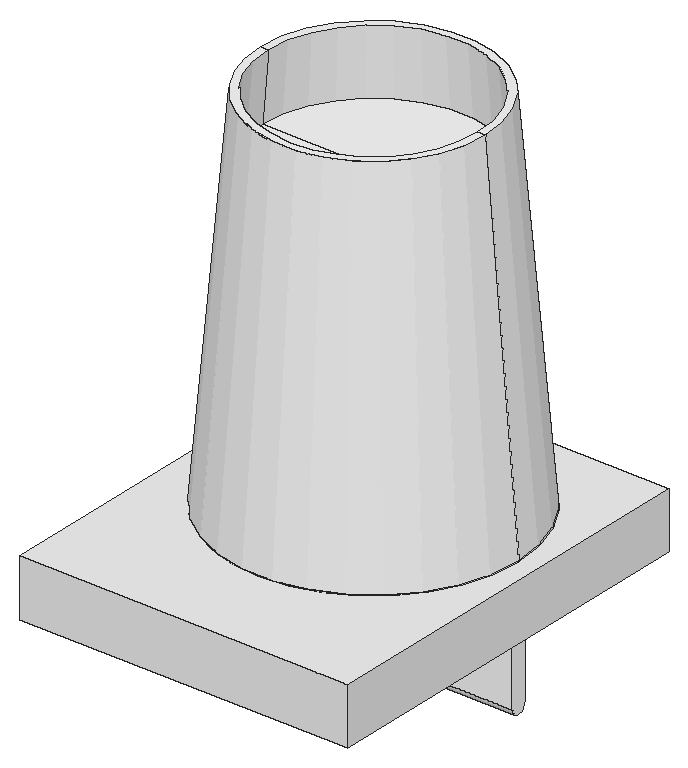
Revit family "DR6015551_Dispensador Jabon", category Furniture, host Wall, Revit 2019
Family settings
  Host = Wall
  OmniClass Number = 23.31.25.29.11
  OmniClass Title = Hand Soap Holders
  Always vertical = Yes
  Cut with Voids When Loaded = No
  Shared = No
  Room Calculation Point = No
Parameters (values of type "Type 1")
  URL = "https://corona.co/productos/accesorios/kit-de-accesorios/kit-por-6-accesorios-draa/p/DR6065551"
  Resistencia a cargas o peso máximo = "9 kg. (19,84 lb.)"  # constant formula
  Referencia = "DR6015551"  # constant formula
  Profundidad = 105 mm  # constant formula
  Peso Neto aprox = " 420 gr."  # constant formula
  Peso Bruto aprox = "4,8 kg. - 10,58 lb."  # constant formula
  Material = Corona_Cromado
  Manufacturer = "Corona"  # constant formula
  Garantía Acabados = "5 Años"  # constant formula
  Garantía = "30 Años"  # constant formula
  Fecha de creación = "11/08/2020"  # constant formula
  Description = "Adquiere estos accesorios que reflejan las últimas tendencias de diseño y se conviernten en el mejor complemento para tu baño. ¡Todo lo que necitabas está aquí!"  # constant formula
  Creado por = "IDD"  # constant formula
  Ancho = 86 mm  # constant formula
  Altura = 900 mm
  Alto = 133 mm  # constant formula
Reference planes
  plane 1 "Wall": y = 0
  plane 2 "Center (Left/Right)": x = 125
  plane 3 "Back": y = 75
  plane 4: z = 900
  plane 5: x = 168
  plane 6: x = 82
  plane 7: z = 966.5
  plane 8: z = 833.5
  plane 9: y = 180
Text (mm)
  text "Placement Side" at (-1848.837, 1116.779, 0), in view "Ref. Level"
  text "Placement side" at (0, 1409.804, 2854.306), in view "Left"
  text "Placement side" at (0, 499.811, 2980.732), in view "Right"
Dimensions and locks
  locked: plane 3 "Back" to host wall
  equal spacing: plane 8, plane 4, plane 7
  "Alto": plane 8 to plane 7
  equal spacing: plane 6, plane 2 "Center (Left/Right)", plane 5
  "Ancho": plane 6 to plane 5
  "Profundidad": plane 9 to host wall
  plane 4 to plane 8 = 66.5 mm
  "Altura": plane 4 to level
  aligned and locked: plane 1 "Wall" to host wall
  aligned and locked: nested 1 to plane 7
  aligned and locked: plane 7 to nested 2
  aligned and locked: plane 6 to nested 2
  aligned and locked: nested 3 to plane 5
  aligned and locked: nested 3 to host wall
  aligned and locked: nested 4 to plane 7
  aligned and locked: nested 4 to plane 5
  aligned and locked: host wall to nested 2
Nested families
  nested 1: "Lateral" at (125, 75, 833.5) x (0, -1, 0) z (1, 0, 0), type "Lateral"
  nested 2: "Dispensador Jabon" at (168, 127.5, 833.5) x (-1, 0, 0) z (0, 0, 1), type "Dispensador Jabon"
  nested 3: "Planta" at (168, 75, 0) x (-1, 0, 0) z (0, 0, 1), type "Planta"
  nested 4: "Frontal" at (168, 0, 833.5) x (-1, 0, 0) z (0, -1, 0), type "Frontal"
Definition of nested family "Dispensador Jabon"
  Parameters (values of type "Cepillero Vaso")
    Profundidad = 105 mm
    Material = none
    Ancho = 86 mm
    Alto = 133 mm
  Reference planes
    plane 1 "Center (Front/Back)": y = 0
    plane 2: z = 0
    plane 3 "Center (Left/Right)": x = 0
    plane 4: x = 86
    plane 5: y = 52.5
    plane 6: y = -52.5
    plane 7: z = 115
    plane 8: z = 133
  Forms (mm)
    Extrusion 1, solid, material <- "Material", detail levels coarse
      sketch origin (0, 0, 0) x (1, 0, 0) y (0, 0, 1)
        loop
          line (86, 0) -> (86, 133) -> (0, 133) -> (0, 0) -> (86, 0)
      from -52.5 to 52.5
    Extrusion 2, solid, material <- "Material", detail levels medium+fine
      sketch origin (0, 0, 0) x (1, 0, 0) y (0, 1, 0)
        loop
          line (86, -52.5) -> (86, 52.5) -> (0, 52.5) -> (0, -52.5) -> (86, -52.5)
        loop
          circle (43, -9.5) r 38
      from 21 to 35.913
    Revolve 3, solid, detail levels medium+fine
      sketch origin (0, -9.5, 18) x (0, 0, -1) y (-1, 0, 0)
        loop
          line (-18, -5) -> (-115, -13.486) -> (-115, -15.494) -> (-97, -13.919) -> (-97, -43) -> (-3, -43) -> (-3, -5) -> (-18, -5)
        axis (-115, -43) -> (-3, -43)
      angle from 0 to 360
    Extrusion 4, solid, detail levels medium+fine
      sketch origin (0, 0, 0) x (0, 1, 0) y (0, 0, 1)
        loop
          line (0.5, 21) -> (-46.5, 21) -> (-46.5, 18.5)
          arc (-46.5, 18.5) -> (-46.061, 17.439) -> (-45, 17) r 1.5
          line (-45, 17) -> (-11.5, 17) -> (-11.5, 2)
          arc (-11.5, 2) -> (-9.5, 0) -> (-7.5, 2) r 2
          line (-7.5, 2) -> (-7.5, 17) -> (-1.037, 17)
          arc (-1.037, 17) -> (0.05, 17.45) -> (0.5, 18.537) r 1.537
          line (0.5, 18.537) -> (0.5, 21)
      from 5 to 81
    Revolve 5, solid, detail levels medium+fine
      sketch origin (0, -28.25, 17) x (0, 0, 1) y (1, 0, 0)
        loop
          line (0, 43) -> (-4, 43) -> (-4, 36) -> (-3, 36) -> (-3, 28) -> (0, 28) -> (0, 43)
        axis (-4, 43) -> (0, 43)
      angle from 0 to 360
  Dimensions and locks
    equal spacing: plane 5, plane 1 "Center (Front/Back)", plane 6
    "Profundidad": plane 5 to plane 6
    "Ancho": plane 3 "Center (Left/Right)" to plane 4
    "Alto": plane 8 to level
    aligned and locked: level to plane 2
    aligned and locked: level to Extrusion 1 sketch curve
    aligned and locked: plane 4 to Extrusion 1 sketch curve
    aligned and locked: plane 3 "Center (Left/Right)" to Extrusion 1 sketch curve
    aligned and locked: Extrusion 2 sketch curve to plane 5
    aligned and locked: plane 3 "Center (Left/Right)" to Extrusion 2 sketch curve
    aligned and locked: Extrusion 1 to Revolve 3
  Automatic sketch dimensions
    plane 6 to Extrusion 2 sketch curve = 43 mm
    plane 3 "Center (Left/Right)" to Extrusion 2 sketch curve = 43 mm
    Extrusion 2 sketch curve to plane 4 = 0 mm
    Extrusion 2 sketch curve to plane 6 = 0 mm
    plane 7 to Extrusion 1 sketch curve = 18 mm
    plane 6 to Extrusion 4 sketch curve = 6 mm
    Extrusion 4 sketch curve to Extrusion 4 sketch curve = 1.5 mm
    plane 1 "Center (Front/Back)" to Extrusion 4 sketch curve = 11.5 mm
    Extrusion 4 sketch curve to Extrusion 4 sketch curve = 2 mm
    plane 1 "Center (Front/Back)" to Extrusion 4 sketch curve = 1.037 mm
    Extrusion 4 sketch curve to plane 1 "Center (Front/Back)" = 0.5 mm
    level to Extrusion 4 sketch curve = 2 mm
    Extrusion 4 sketch curve to Extrusion 4 sketch curve = 15 mm
    Extrusion 4 sketch curve to Extrusion 4 sketch curve = 0 mm
    Extrusion 4 sketch curve to Extrusion 4 sketch curve = 2.5 mm
    level to Revolve 5 sketch curve = 13 mm
    Revolve 5 sketch curve to Revolve 5 sketch curve = 1 mm
    Revolve 5 sketch curve to Revolve 5 sketch curve = 3 mm
    plane 3 "Center (Left/Right)" to Revolve 5 sketch curve = 28 mm
    Revolve 5 sketch curve to Revolve 5 sketch curve = 8 mm
    Revolve 5 sketch curve to Revolve 5 sketch curve = 7 mm
    Revolve 5 sketch curve to Revolve 5 sketch curve = 0 mm  (x2)
    Revolve 5 sketch curve to Revolve 5 sketch curve = 11.9 mm
    Revolve 3 sketch curve to plane 8 = 0 mm
    Revolve 3 sketch curve to plane 7 = 0 mm
    plane 3 "Center (Left/Right)" to Revolve 3 sketch curve = 5 mm
    Revolve 3 sketch curve to Revolve 3 sketch curve = 15 mm
    plane 3 "Center (Left/Right)" to Revolve 3 sketch curve = 13.486 mm
    Revolve 3 sketch curve to Revolve 3 sketch curve = 2.008 mm
    Revolve 3 sketch curve to Revolve 3 sketch curve = 79 mm
    Revolve 3 sketch curve to Revolve 3 sketch curve = 3 mm
    Revolve 3 sketch curve to level = 7 mm
    plane 3 "Center (Left/Right)" to Revolve 3 sketch curve = 13.919 mm
    Revolve 3 sketch curve to Revolve 3 sketch curve = 29.081 mm
    Revolve 3 sketch curve to Revolve 3 sketch curve = 0 mm
    radius of Extrusion 2 sketch curve = 38 mm
Definition of nested family "Lateral"
  Reference planes
    plane 1 "Center (Front/Back)": y = 0
    plane 2: z = 0
    plane 3 "Center (Left/Right)": x = 0
    plane 4: y = 133
    plane 5: x = -105
  Lines and regions (mm)
    detail lines, in view "Ref. Level"
      curve 1: line (-105, 23, 0) -> (0, 23, 0)
      curve 2: line (-105, 38, 0) -> (-105, 23, 0)
      curve 3: line (0, 38, 0) -> (-105, 38, 0)
      curve 4: line (0, 23, 0) -> (0, 38, 0)
      curve 5: line (-100, 38, 0) -> (-93.357, 133, 0)
      curve 6: line (-96.777, 23, 0) -> (-96.777, 16, 0)
      curve 7: line (-34.375, 38, 0) -> (-41.018, 133, 0)
      curve 8: line (-37.598, 23, 0) -> (-37.598, 16, 0)
      curve 9: line (-93.357, 133, 0) -> (-41.018, 133, 0)
      curve 10: line (-37.598, 16, 0) -> (-96.777, 16, 0)
      curve 11: line (-47.598, 16, 0) -> (-47.598, 0, 0)
      curve 12: line (-47.598, 0, 0) -> (-52.598, 0, 0)
      curve 13: line (-52.598, 0, 0) -> (-52.598, 16, 0)
      curve 14: line (-55.598, 12.903, 0) -> (-93.777, 12.903, 0)
      curve 15: line (-55.598, 16, 0) -> (-55.598, 12.903, 0)
      curve 16: line (-93.777, 12.903, 0) -> (-93.777, 16, 0)
      curve 17: line (-84.386, 12.903, 0) -> (-84.386, 9.447, 0)
      curve 18: line (-84.386, 9.447, 0) -> (-64.989, 9.447, 0)
      curve 19: line (-64.989, 9.447, 0) -> (-64.989, 12.903, 0)
Definition of nested family "Planta"
  Reference planes
    plane 1 "Center (Front/Back)": y = 0
    plane 2: z = 0
    plane 3 "Center (Left/Right)": x = 0
    plane 4: x = 86
    plane 5: y = 105
  Lines and regions (mm)
    detail lines, in view "Ref. Level"
      curve 1: line (0, 105, 0) -> (86, 105, 0)
      curve 2: line (0, 0, 0) -> (0, 105, 0)
      curve 3: line (86, 0, 0) -> (0, 0, 0)
      curve 4: line (86, 105, 0) -> (86, 0, 0)
      curve 5: circle (43, 62, 0) r 38 normal (0, 0, 1)
      curve 6: circle (43, 62, 0) r 33 normal (0, 0, 1)
Definition of nested family "Frontal"
  Reference planes
    plane 1 "Center (Front/Back)": y = 0
    plane 2: z = 0
    plane 3 "Center (Left/Right)": x = 0
    plane 4: x = 86
    plane 5: y = 133
  Lines and regions (mm)
    detail lines, in view "Ref. Level"
      curve 1: line (0, 23, 0) -> (86, 23, 0)
      curve 2: line (0, 38, 0) -> (0, 23, 0)
      curve 3: line (86, 38, 0) -> (0, 38, 0)
      curve 4: line (86, 23, 0) -> (86, 38, 0)
      curve 5: line (5, 38, 0) -> (9.979, 133, 0)
      curve 6: line (81, 38, 0) -> (76.021, 133, 0)
      curve 7: line (9.979, 133, 0) -> (76.021, 133, 0)
      curve 8: line (5, 23, 0) -> (5, 16, 0)
      curve 9: line (5, 16, 0) -> (81, 16, 0)
      curve 10: line (81, 16, 0) -> (81, 23, 0)
      curve 11: line (13.845, 16, 0) -> (13.845, 0, 0)
      curve 12: line (72.155, 16, 0) -> (72.155, 0, 0)
      curve 13: line (13.845, 0, 0) -> (72.155, 0, 0)
      curve 14: line (15.5, 16, 0) -> (15.5, 12.093, 0)
      curve 15: line (15.5, 12.093, 0) -> (70.5, 12.093, 0)
      curve 16: line (70.5, 12.093, 0) -> (70.5, 16, 0)
      curve 17: line (32.371, 12.093, 0) -> (32.371, 9.092, 0)
      curve 18: line (32.371, 9.092, 0) -> (53.629, 9.092, 0)
      curve 19: line (53.629, 9.092, 0) -> (53.629, 12.093, 0)
